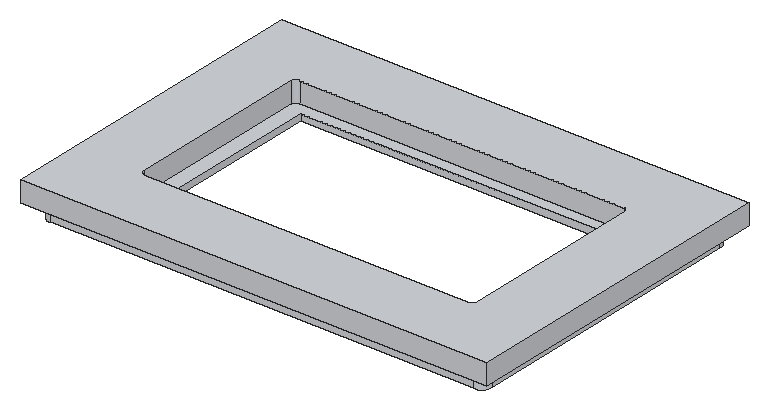
Revit family "Gira_100118", category Electrical Fixtures, host Face, Revit 2017
Family settings
  Host = Face
  Maintain Annotation Orientation = No
  Round Connector Dimension = Use Diameter
  Part Type = Normal
  Cut with Voids When Loaded = No
  Shared = No
  Room Calculation Point = No
Parameters (values of type "Abdeckrahmen 1,5f Gira Esprit G Mint")
  Werkstoffgüte = "Echtglas"
  Werkstoff = "Glas"
  URL = "http://katalog.gira.de/de_DE/datenblatt.html?artikelnr=100118"
  Transparent = "No"
  Textfeld/Beschriftungsfläche = "No"
  Schutzart (IP) = "IP20"
  Region = "DE"
  Oberfläche = "sonstige"
  Name = "Abdeckrahmen 1,5f Gira Esprit G Mint"
  Montagerichtung = "horizontal und vertikal"
  Mit Montagerahmen = "No"
  Mit Klappdeckel = "No"
  Manufacturer URL = "https://www.gira.de/"
  Keynote = "Espr._Rahmen_1,5fach"
  HeinzeBIM = "https://bimportal.heinze.de/bim/abdeckrahmen-1-5f-gira-esprit-g-mint/fcb154be57e18b225a62d0c8604a36cd3adfc662"
  Halogenfrei = "Yes"
  HAN = "100118"
  Geeignet für Unterputz-Installation = "Yes"
  Geeignet für Unterflurkanaldose = "No"
  Geeignet für Geräteeinbaukanal = "No"
  Geeignet für Einbauinstallation = "No"
  GTIN = "4010337881360"
  Farbe = "sonstige"
  Default Elevation = 1219.2 mm
  Data sheet (1) = "https://katalog.gira.de/de_DE/download.html?artikelnr=100118"
  Category = "Abdeckrahmen"
  Befestigungsart = "Klemmbefestigung"
  Available = "Yes"
  Anzahl der Einheiten vertikal = "1,5 "
  Anzahl der Einheiten horizontal = "1,5 "
  Anzahl der Einheiten = "1 "
Reference planes
  plane 1 "Center (Front/Back)": y = 0
  plane 2: z = 0
  plane 3 "Center (Left/Right)": x = 0
Forms (mm)
  Extrusion 1, solid, detail levels fine
    sketch origin (0, 0, 0) x (1, 0, 0) y (0, 1, 0)
      loop
        line (-67.75, 47.5) -> (-67.75, -47.5) -> (67.75, -47.5) -> (67.75, 47.5) -> (-67.75, 47.5)
      loop
        arc (-48.5, -26.7) -> (-48.061, -27.761) -> (-47, -28.2) r 1.5
        line (-47, -28.2) -> (47, -28.2)
        arc (47, -28.2) -> (48.061, -27.761) -> (48.5, -26.7) r 1.5
        line (48.5, -26.7) -> (48.5, 26.7)
        arc (48.5, 26.7) -> (48.061, 27.761) -> (47, 28.2) r 1.5
        line (47, 28.2) -> (-47, 28.2)
        arc (-47, 28.2) -> (-48.061, 27.761) -> (-48.5, 26.7) r 1.5
        line (-48.5, 26.7) -> (-48.5, -26.7)
    from 0 to 6
  Extrusion 2, solid, detail levels fine
    sketch origin (0, 0, 0) x (1, 0, 0) y (0, 1, 0)
      loop
        arc (-61.479, 44.4) -> (-63.615, 43.515) -> (-64.5, 41.379) r 3.021
        line (-64.5, 41.379) -> (-64.5, -41.379)
        arc (-64.5, -41.379) -> (-63.615, -43.515) -> (-61.479, -44.4) r 3.021
        line (-61.479, -44.4) -> (61.479, -44.4)
        arc (61.479, -44.4) -> (63.615, -43.515) -> (64.5, -41.379) r 3.021
        line (64.5, -41.379) -> (64.5, 41.379)
        arc (64.5, 41.379) -> (63.615, 43.515) -> (61.479, 44.4) r 3.021
        line (61.479, 44.4) -> (-61.479, 44.4)
      loop
        arc (-61.4, 43.1) -> (-62.673, 42.573) -> (-63.2, 41.3) r 1.8
        line (-63.2, 41.3) -> (-63.2, -41.4)
        arc (-63.2, -41.4) -> (-62.673, -42.673) -> (-61.4, -43.2) r 1.8
        line (-61.4, -43.2) -> (61.4, -43.2)
        arc (61.4, -43.2) -> (62.673, -42.673) -> (63.2, -41.4) r 1.8
        line (63.2, -41.4) -> (63.2, 41.3)
        arc (63.2, 41.3) -> (62.673, 42.573) -> (61.4, 43.1) r 1.8
        line (61.4, 43.1) -> (-61.4, 43.1)
    from -4.1 to 0
  Extrusion 3, solid, detail levels fine
    sketch origin (0, 0, 0) x (1, 0, 0) y (0, 1, 0)
      loop
        arc (-63.2, -41.4) -> (-62.673, -42.673) -> (-61.4, -43.2) r 1.8
        line (-61.4, -43.2) -> (61.4, -43.2)
        arc (61.4, -43.2) -> (62.673, -42.673) -> (63.2, -41.4) r 1.8
        line (63.2, -41.4) -> (63.2, 41.3)
        arc (63.2, 41.3) -> (62.673, 42.573) -> (61.4, 43.1) r 1.8
        line (61.4, 43.1) -> (-61.4, 43.1)
        arc (-61.4, 43.1) -> (-62.673, 42.573) -> (-63.2, 41.3) r 1.8
        line (-63.2, 41.3) -> (-63.2, -41.4)
      loop
        line (44, -24.75) -> (44, 24.75) -> (-44, 24.75) -> (-44, -24.75) -> (44, -24.75)
    from -1.9 to 0
  Extrusion 4, solid, detail levels medium
    sketch origin (0, 0, 0) x (1, 0, 0) y (0, 1, 0)
      loop
        line (-67.75, 47.5) -> (-67.75, -47.5) -> (67.75, -47.5) -> (67.75, 47.5) -> (-67.75, 47.5)
    from 0 to 6
  Extrusion 5, solid, detail levels medium
    sketch origin (0, 0, 0) x (1, 0, 0) y (0, 1, 0)
      loop
        line (-64.5, 44.4) -> (-64.5, -44.4) -> (64.5, -44.4) -> (64.5, 44.4) -> (-64.5, 44.4)
    from -4.1 to 0
  Extrusion 6, solid, detail levels coarse
    sketch origin (0, 0, 0) x (1, 0, 0) y (0, 1, 0)
      loop
        line (-67.75, 47.5) -> (-67.75, -47.5) -> (67.75, -47.5) -> (67.75, 47.5) -> (-67.75, 47.5)
    from -4.1 to 6
Dimensions and locks
  aligned and locked: plane 2 to host face
  aligned and locked: level to host face
